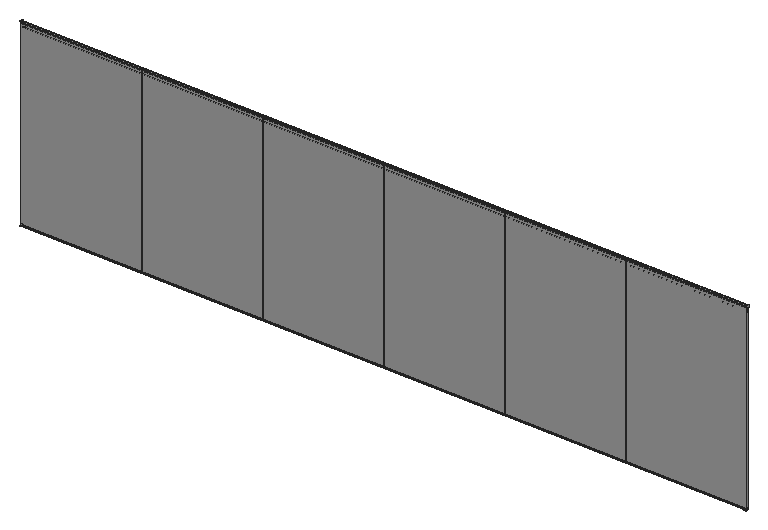
Revit family "Unity Glass Wall 6x24", category Generic Models, Revit 2018
Family settings
  Can host rebar = No
  Round Connector Dimension = Use Diameter
  Part Type = Normal
  Work Plane-Based = No
  Always vertical = Yes
  Cut with Voids When Loaded = No
  Shared = No
  Room Calculation Point = No
Parameters
  Panel #6 = Unity Glass Wall 6x24 Panel #6
  Panel #5 = Unity Glass Wall 6x24 Panel #5
  Panel #4 = Unity Glass Wall 6x24 Panel #4
  Panel #3 = Unity Glass Wall 6x24 Panel #3
  Panel #2 = Unity Glass Wall 6x24 Panel #2
  Panel #1 = Unity Glass Wall 6x24 Panel #1
Reference planes (in)
  plane 1 "Center (Front/Back)": y = 0
  plane 2: z = 0
  plane 3 "Center (Left/Right)": x = 0
Forms (in)
  Extrusion 1, solid, material "Unity Glass Wall Trim Metal"
    sketch origin (-141.73228, 0, 0.36763) x (0, 1, 0) y (0, 0, 1)
      loop
        line (0, 83.30899) -> (-0.645, 83.30899)
        arc (-0.645, 83.30899) -> (-0.70034, 83.28391) -> (-0.71795, 83.22577) r 0.07358
        arc (-0.71795, 83.22577) -> (-0.66251, 82.98163) -> (-0.5634, 82.75172) r 1.36464
        arc (-0.5634, 82.75172) -> (-0.54859, 82.73439) -> (-0.52802, 82.72453) r 0.05514
        line (-0.52802, 82.72453) -> (-0.48302, 82.72453) -> (-0.48302, 82.77531) -> (-0.51842, 82.77531)
        arc (-0.51842, 82.77531) -> (-0.6141, 82.99698) -> (-0.66761, 83.23242) r 1.31386
        arc (-0.66761, 83.23242) -> (-0.66215, 83.25044) -> (-0.645, 83.25821) r 0.0228
        line (-0.645, 83.25821) -> (-0.05078, 83.25821) -> (-0.05078, 82.12852) -> (-0.118, 82.19574) -> (-0.118, 82.45703) -> (-0.166, 82.45703) -> (-0.166, 82.19574)
        arc (-0.166, 82.19574) -> (-0.16235, 82.17737) -> (-0.15194, 82.1618) r 0.048
        line (-0.15194, 82.1618) -> (-0.1, 82.10985) -> (-0.1, 81.00078)
        arc (-0.1, 81.00078) -> (-0.05, 80.95078) -> (0, 81.00078) r 0.05
        line (0, 81.00078) -> (0, 83.30899)
    from 0.2 to 283.26457
  Extrusion 2, solid, material "Unity Glass Wall 6x24 Panel #1" <- "Panel #1"
    sketch origin (-141.73228, 0, 0.63581) x (0, 1, 0) y (0, 0, 1)
      loop
        line (-0.48802, 11.58341) -> (-0.28802, 11.58341) -> (-0.28802, 82.8216) -> (-0.48802, 82.8216) -> (-0.48802, 11.58341)
    from 0 to 47.24409
  Extrusion 3, solid, material "Unity Glass Wall Trim Metal"
    sketch origin (-94.48819, 0, 0.36763) x (0, 1, 0) y (0, 0, 1)
      loop
        line (0, 83.35978) -> (-0.645, 83.35978)
        arc (-0.645, 83.35978) -> (-0.73852, 83.31739) -> (-0.76829, 83.21911) r 0.12436
        arc (-0.76829, 83.21911) -> (-0.55414, 82.63679) -> (-0.11151, 82.20201) r 1.41542
        arc (-0.11151, 82.20201) -> (-0.09645, 82.19579) -> (-0.08019, 82.19478) r 0.04981
        line (-0.08019, 82.19478) -> (0, 82.19478) -> (0, 83.35978)
    from -47.24409 to -47.34409
  Extrusion 4, solid, material "Unity Glass Wall Trim Metal"
    sketch origin (-188.97638, 0, 0.36763) x (0, 1, 0) y (0, 0, -1)
      loop
        line (0, -83.35978) -> (0, -81.00078)
        arc (0, -81.00078) -> (-0.05, -80.95078) -> (-0.1, -81.00078) r 0.05
        line (-0.1, -81.00078) -> (-0.1, -82.10985) -> (-0.15194, -82.1618)
        arc (-0.15194, -82.1618) -> (-0.16235, -82.17737) -> (-0.166, -82.19574) r 0.048
        line (-0.166, -82.19574) -> (-0.166, -82.45703) -> (-0.118, -82.45703) -> (-0.118, -82.19574) -> (-0.048, -82.12574) -> (-0.048, -83.30899) -> (-0.645, -83.30899)
        arc (-0.645, -83.30899) -> (-0.70034, -83.28391) -> (-0.71795, -83.22577) r 0.07358
        arc (-0.71795, -83.22577) -> (-0.66202, -82.98012) -> (-0.56188, -82.74894) r 1.36464
        arc (-0.56188, -82.74894) -> (-0.5474, -82.73362) -> (-0.52802, -82.72531) r 0.05198
        line (-0.52802, -82.72531) -> (-0.48302, -82.72531) -> (-0.48302, -82.67453) -> (-0.5309, -82.67453)
        arc (-0.5309, -82.67453) -> (-0.56773, -82.68318) -> (-0.59684, -82.70734) r 0.08265
        arc (-0.59684, -82.70734) -> (-0.70718, -82.95498) -> (-0.76829, -83.21911) r 1.41542
        arc (-0.76829, -83.21911) -> (-0.73852, -83.31739) -> (-0.645, -83.35978) r 0.12436
        line (-0.645, -83.35978) -> (0, -83.35978)
    from -47.24409 to -47.44409
  Extrusion 5, solid, material "Unity Glass Wall Trim Metal"
    sketch origin (-141.73228, 0, 95.30899) x (0, 1, 0) y (0, 0, 1)
      loop
        line (0, -83.30899) -> (0, -81.00078)
        arc (0, -81.00078) -> (-0.05, -80.95078) -> (-0.1, -81.00078) r 0.05
        line (-0.1, -81.00078) -> (-0.1, -82.10985) -> (-0.15194, -82.1618)
        arc (-0.15194, -82.1618) -> (-0.16235, -82.17737) -> (-0.166, -82.19574) r 0.048
        line (-0.166, -82.19574) -> (-0.166, -82.45703) -> (-0.118, -82.45703) -> (-0.118, -82.19574) -> (-0.05078, -82.12852) -> (-0.05078, -83.25821) -> (-0.645, -83.25821)
        arc (-0.645, -83.25821) -> (-0.66215, -83.25044) -> (-0.66761, -83.23242) r 0.0228
        arc (-0.66761, -83.23242) -> (-0.6141, -82.99698) -> (-0.51842, -82.77531) r 1.31386
        line (-0.51842, -82.77531) -> (-0.48302, -82.77531) -> (-0.48302, -82.72453) -> (-0.52802, -82.72453)
        arc (-0.52802, -82.72453) -> (-0.54859, -82.73439) -> (-0.5634, -82.75172) r 0.05514
        arc (-0.5634, -82.75172) -> (-0.66251, -82.98163) -> (-0.71795, -83.22577) r 1.36464
        arc (-0.71795, -83.22577) -> (-0.70034, -83.28391) -> (-0.645, -83.30899) r 0.07358
        line (-0.645, -83.30899) -> (0, -83.30899)
    from 0.2 to 283.26457
  Extrusion 6, solid, material "Unity Glass Wall Trim Metal"
    sketch origin (-94.48819, 0, 95.30899) x (0, 1, 0) y (0, 0, 1)
      loop
        line (0, -83.35978) -> (0, -82.19478) -> (-0.08019, -82.19478)
        arc (-0.08019, -82.19478) -> (-0.09645, -82.19579) -> (-0.11151, -82.20201) r 0.04981
        arc (-0.11151, -82.20201) -> (-0.55414, -82.63679) -> (-0.76829, -83.21911) r 1.41542
        arc (-0.76829, -83.21911) -> (-0.73852, -83.31739) -> (-0.645, -83.35978) r 0.12436
        line (-0.645, -83.35978) -> (0, -83.35978)
    from -47.24409 to -47.34409
  Extrusion 7, solid, material "Unity Glass Wall Trim Metal"
    sketch origin (-188.97638, 0, 95.30899) x (0, 1, 0) y (0, 0, -1)
      loop
        line (0, 83.35978) -> (-0.645, 83.35978)
        arc (-0.645, 83.35978) -> (-0.73852, 83.31739) -> (-0.76829, 83.21911) r 0.12436
        arc (-0.76829, 83.21911) -> (-0.70718, 82.95498) -> (-0.59684, 82.70734) r 1.41542
        arc (-0.59684, 82.70734) -> (-0.56773, 82.68318) -> (-0.5309, 82.67453) r 0.08265
        line (-0.5309, 82.67453) -> (-0.48302, 82.67453) -> (-0.48302, 82.72531) -> (-0.52802, 82.72531)
        arc (-0.52802, 82.72531) -> (-0.5474, 82.73362) -> (-0.56188, 82.74894) r 0.05198
        arc (-0.56188, 82.74894) -> (-0.66202, 82.98012) -> (-0.71795, 83.22577) r 1.36464
        arc (-0.71795, 83.22577) -> (-0.70034, 83.28391) -> (-0.645, 83.30899) r 0.07358
        line (-0.645, 83.30899) -> (-0.048, 83.30899) -> (-0.048, 82.12574) -> (-0.118, 82.19574) -> (-0.118, 82.45703) -> (-0.166, 82.45703) -> (-0.166, 82.19574)
        arc (-0.166, 82.19574) -> (-0.16235, 82.17737) -> (-0.15194, 82.1618) r 0.048
        line (-0.15194, 82.1618) -> (-0.1, 82.10985) -> (-0.1, 81.00078)
        arc (-0.1, 81.00078) -> (-0.05, 80.95078) -> (0, 81.00078) r 0.05
        line (0, 81.00078) -> (0, 83.35978)
    from -47.24409 to -47.44409
  Extrusion 8, solid, material "Unity Glass Wall 6x24 Panel #2" <- "Panel #2"
    sketch origin (-94.48819, 0, 0.63581) x (0, 1, 0) y (0, 0, 1)
      loop
        line (-0.48802, 11.58341) -> (-0.28802, 11.58341) -> (-0.28802, 82.8216) -> (-0.48802, 82.8216) -> (-0.48802, 11.58341)
    from 0 to 47.24409
  Extrusion 9, solid, material "Unity Glass Wall 6x24 Panel #3" <- "Panel #3"
    sketch origin (0, 0, 0.63581) x (0, 1, 0) y (0, 0, -1)
      loop
        line (-0.48802, -11.58341) -> (-0.48802, -82.8216) -> (-0.28802, -82.8216) -> (-0.28802, -11.58341) -> (-0.48802, -11.58341)
    from 0 to 47.24409
  Extrusion 10, solid, material "Unity Glass Wall 6x24 Panel #4" <- "Panel #4"
    sketch origin (47.24409, 0, 0.63581) x (0, 1, 0) y (0, 0, -1)
      loop
        line (-0.48802, -11.58341) -> (-0.48802, -82.8216) -> (-0.28802, -82.8216) -> (-0.28802, -11.58341) -> (-0.48802, -11.58341)
    from 0 to 47.24409
  Extrusion 11, solid, material "Unity Glass Wall 6x24 Panel #5" <- "Panel #5"
    sketch origin (94.48819, 0, 0.63581) x (0, 1, 0) y (0, 0, -1)
      loop
        line (-0.48802, -11.58341) -> (-0.48802, -82.8216) -> (-0.28802, -82.8216) -> (-0.28802, -11.58341) -> (-0.48802, -11.58341)
    from 0 to 47.24409
  Extrusion 12, solid, material "Unity Glass Wall Trim Metal"
    sketch origin (94.48819, 0, 0.36763) x (0, 1, 0) y (0, 0, -1)
      loop
        line (0, -83.35978) -> (0, -82.19478) -> (-0.08019, -82.19478)
        arc (-0.08019, -82.19478) -> (-0.09645, -82.19579) -> (-0.11151, -82.20201) r 0.04981
        arc (-0.11151, -82.20201) -> (-0.55414, -82.63679) -> (-0.76829, -83.21911) r 1.41542
        arc (-0.76829, -83.21911) -> (-0.73852, -83.31739) -> (-0.645, -83.35978) r 0.12436
        line (-0.645, -83.35978) -> (0, -83.35978)
    from -47.24409 to -47.34409
  Extrusion 13, solid, material "Unity Glass Wall Trim Metal"
    sketch origin (188.97638, 0, 0.36763) x (0, 1, 0) y (0, 0, 1)
      loop
        line (0, 83.35978) -> (-0.645, 83.35978)
        arc (-0.645, 83.35978) -> (-0.73852, 83.31739) -> (-0.76829, 83.21911) r 0.12436
        arc (-0.76829, 83.21911) -> (-0.70718, 82.95498) -> (-0.59684, 82.70734) r 1.41542
        arc (-0.59684, 82.70734) -> (-0.56773, 82.68318) -> (-0.5309, 82.67453) r 0.08265
        line (-0.5309, 82.67453) -> (-0.48302, 82.67453) -> (-0.48302, 82.72531) -> (-0.52802, 82.72531)
        arc (-0.52802, 82.72531) -> (-0.5474, 82.73362) -> (-0.56188, 82.74894) r 0.05198
        arc (-0.56188, 82.74894) -> (-0.66202, 82.98012) -> (-0.71795, 83.22577) r 1.36464
        arc (-0.71795, 83.22577) -> (-0.70034, 83.28391) -> (-0.645, 83.30899) r 0.07358
        line (-0.645, 83.30899) -> (-0.048, 83.30899) -> (-0.048, 82.12574) -> (-0.118, 82.19574) -> (-0.118, 82.45703) -> (-0.166, 82.45703) -> (-0.166, 82.19574)
        arc (-0.166, 82.19574) -> (-0.16235, 82.17737) -> (-0.15194, 82.1618) r 0.048
        line (-0.15194, 82.1618) -> (-0.1, 82.10985) -> (-0.1, 81.00078)
        arc (-0.1, 81.00078) -> (-0.05, 80.95078) -> (0, 81.00078) r 0.05
        line (0, 81.00078) -> (0, 83.35978)
    from -47.24409 to -47.44409
  Extrusion 14, solid, material "Unity Glass Wall Trim Metal"
    sketch origin (94.48819, 0, 95.30899) x (0, 1, 0) y (0, 0, -1)
      loop
        line (0, 83.35978) -> (-0.645, 83.35978)
        arc (-0.645, 83.35978) -> (-0.73852, 83.31739) -> (-0.76829, 83.21911) r 0.12436
        arc (-0.76829, 83.21911) -> (-0.55414, 82.63679) -> (-0.11151, 82.20201) r 1.41542
        arc (-0.11151, 82.20201) -> (-0.09645, 82.19579) -> (-0.08019, 82.19478) r 0.04981
        line (-0.08019, 82.19478) -> (0, 82.19478) -> (0, 83.35978)
    from -47.24409 to -47.34409
  Extrusion 15, solid, material "Unity Glass Wall Trim Metal"
    sketch origin (188.97638, 0, 95.30899) x (0, 1, 0) y (0, 0, 1)
      loop
        line (0, -83.35978) -> (0, -81.00078)
        arc (0, -81.00078) -> (-0.05, -80.95078) -> (-0.1, -81.00078) r 0.05
        line (-0.1, -81.00078) -> (-0.1, -82.10985) -> (-0.15194, -82.1618)
        arc (-0.15194, -82.1618) -> (-0.16235, -82.17737) -> (-0.166, -82.19574) r 0.048
        line (-0.166, -82.19574) -> (-0.166, -82.45703) -> (-0.118, -82.45703) -> (-0.118, -82.19574) -> (-0.048, -82.12574) -> (-0.048, -83.30899) -> (-0.645, -83.30899)
        arc (-0.645, -83.30899) -> (-0.70034, -83.28391) -> (-0.71795, -83.22577) r 0.07358
        arc (-0.71795, -83.22577) -> (-0.66202, -82.98012) -> (-0.56188, -82.74894) r 1.36464
        arc (-0.56188, -82.74894) -> (-0.5474, -82.73362) -> (-0.52802, -82.72531) r 0.05198
        line (-0.52802, -82.72531) -> (-0.48302, -82.72531) -> (-0.48302, -82.67453) -> (-0.5309, -82.67453)
        arc (-0.5309, -82.67453) -> (-0.56773, -82.68318) -> (-0.59684, -82.70734) r 0.08265
        arc (-0.59684, -82.70734) -> (-0.70718, -82.95498) -> (-0.76829, -83.21911) r 1.41542
        arc (-0.76829, -83.21911) -> (-0.73852, -83.31739) -> (-0.645, -83.35978) r 0.12436
        line (-0.645, -83.35978) -> (0, -83.35978)
    from -47.24409 to -47.44409
  Extrusion 16, solid, material "Unity Glass Wall 6x24 Panel #6" <- "Panel #6"
    sketch origin (141.73228, 0, 0.63581) x (0, 1, 0) y (0, 0, -1)
      loop
        line (-0.48802, -11.58341) -> (-0.48802, -82.8216) -> (-0.28802, -82.8216) -> (-0.28802, -11.58341) -> (-0.48802, -11.58341)
    from 0 to 47.24409
Dimensions and locks (in)
  aligned and locked: plane 2 to level
